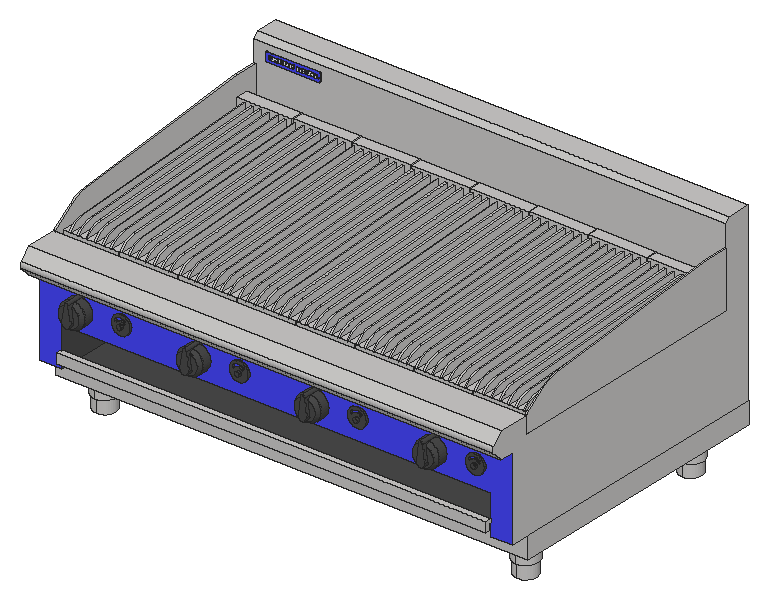
Revit family "QF_MOFFAT_BLUESEAL_CE_G598-B", category Specialty Equipment, Revit 2012 (continued)
Automatic sketch dimensions
  plane 9 to Extrusion 31 sketch curve = 32 mm
  Extrusion 31 sketch curve to plane 11 = 220.155 mm
  Extrusion 31 sketch curve to plane 11 = 174.636 mm
  Extrusion 31 sketch curve to Extrusion 31 sketch curve = 52.486 mm
  plane 10 to Extrusion 32 sketch curve = 59 mm
  plane 10 to Extrusion 32 sketch curve = 12.852 mm
  plane 10 to Extrusion 32 sketch curve = 8.738 mm
  plane 9 to Extrusion 32 sketch curve = 32 mm
  Extrusion 32 sketch curve to plane 11 = 220.155 mm
  Extrusion 32 sketch curve to plane 11 = 174.636 mm
  Extrusion 32 sketch curve to Extrusion 32 sketch curve = 52.486 mm
  plane 1 "BACK" to Extrusion 33 sketch curve = 34 mm
  plane 10 to Extrusion 34 sketch curve = 59 mm
  plane 9 to Extrusion 34 sketch curve = 32 mm
  plane 9 to Extrusion 34 sketch curve = 2 mm
  Extrusion 34 sketch curve to plane 11 = 210 mm
  Extrusion 34 sketch curve to Extrusion 34 sketch curve = 35.364 mm
  Extrusion 34 sketch curve to Extrusion 34 sketch curve = 59.636 mm
  plane 10 to Extrusion 35 sketch curve = 59 mm
  plane 9 to Extrusion 35 sketch curve = 32 mm
  plane 9 to Extrusion 35 sketch curve = 2 mm
  Extrusion 35 sketch curve to plane 11 = 210 mm
  Extrusion 35 sketch curve to Extrusion 35 sketch curve = 35.364 mm
  Extrusion 35 sketch curve to Extrusion 35 sketch curve = 59.636 mm
  plane 10 to Extrusion 36 sketch curve = 59 mm
  plane 9 to Extrusion 36 sketch curve = 32 mm
  plane 9 to Extrusion 36 sketch curve = 2 mm
  Extrusion 36 sketch curve to plane 11 = 210 mm
  Extrusion 36 sketch curve to Extrusion 36 sketch curve = 35.364 mm
  Extrusion 36 sketch curve to Extrusion 36 sketch curve = 59.636 mm
  plane 10 to Extrusion 37 sketch curve = 59 mm
  plane 9 to Extrusion 37 sketch curve = 32 mm
  plane 9 to Extrusion 37 sketch curve = 2 mm
  Extrusion 37 sketch curve to plane 11 = 210 mm
  Extrusion 37 sketch curve to Extrusion 37 sketch curve = 35.364 mm
  Extrusion 37 sketch curve to Extrusion 37 sketch curve = 59.636 mm
  Extrusion 1 to Extrusion 38 sketch curve = 44.5 mm  (x4)
  Extrusion 38 sketch curve to Extrusion 38 sketch curve = 1.218 mm  (x4)
  Extrusion 38 sketch curve to Extrusion 38 sketch curve = 1.97 mm  (x8)
  Extrusion 38 sketch curve to Extrusion 38 sketch curve = 1.724 mm  (x4)
  Extrusion 38 sketch curve to Extrusion 38 sketch curve = 1.683 mm  (x4)
  Extrusion 38 sketch curve to Extrusion 38 sketch curve = 6.674 mm  (x4)
  Extrusion 38 sketch curve to Extrusion 38 sketch curve = 0.195 mm  (x4)
  Extrusion 38 sketch curve to Extrusion 38 sketch curve = 2.662 mm  (x4)
  Extrusion 1 to Extrusion 38 sketch curve = 193.209 mm
  Extrusion 38 sketch curve to Extrusion 38 sketch curve = 2.986 mm  (x4)
  Extrusion 38 sketch curve to Extrusion 38 sketch curve = 8.796 mm  (x4)
  Extrusion 38 sketch curve to Extrusion 38 sketch curve = 0.103 mm  (x4)
  Extrusion 38 sketch curve to Extrusion 38 sketch curve = 0.102 mm  (x4)
  Extrusion 38 sketch curve to Extrusion 38 sketch curve = 271.13 mm  (x2)
  Extrusion 1 to Extrusion 38 sketch curve = 106.791 mm
  Extrusion 39 sketch curve to Extrusion 39 sketch curve = 0 mm  (x3)
  Extrusion 39 sketch curve to Extrusion 39 sketch curve = 300 mm  (x3)
  Revolve 40 sketch curve to plane 5 "FRONT" = 19 mm
  Revolve 40 sketch curve to Revolve 40 sketch curve = 0 mm  (x2)
  Revolve 40 sketch curve to Revolve 40 sketch curve = 11 mm
  Revolve 40 sketch curve to Revolve 40 sketch curve = 12.7 mm
  Revolve 40 sketch curve to Revolve 40 sketch curve = 23 mm
  Revolve 40 sketch curve to Revolve 40 sketch curve = 10 mm
  Revolve 40 sketch curve to plane 11 = 290.2 mm
  Revolve 40 sketch curve to Revolve 40 sketch curve = 5 mm
  Revolve 40 sketch curve to Revolve 40 sketch curve = 26.651 mm
  Revolve 40 sketch curve to Revolve 40 sketch curve = 5.849 mm
  Extrusion 41 sketch curve to plane 7 "Center Y" = 202.487 mm
  Extrusion 41 sketch curve to Extrusion 41 sketch curve = 5.489 mm
  Extrusion 41 sketch curve to Extrusion 41 sketch curve = 4.999 mm  (x2)
  Extrusion 41 sketch curve to Extrusion 41 sketch curve = 10.487 mm
  Extrusion 41 sketch curve to Extrusion 41 sketch curve = 10.419 mm
  level to Extrusion 41 sketch curve = 282.8 mm
  Extrusion 41 sketch curve to Extrusion 41 sketch curve = 0.028 mm
  Extrusion 41 sketch curve to Extrusion 41 sketch curve = 44 mm
  Extrusion 41 sketch curve to Extrusion 41 sketch curve = 0.113 mm
  Extrusion 42 sketch curve to Extrusion 1 = 0 mm
  Extrusion 42 sketch curve to Extrusion 1 = 100 mm
  Extrusion 42 sketch curve to Extrusion 1 = 55 mm  (x2)
  Split face 1 sketch curve to Extrusion 1 = 27.315 mm
  Split face 1 sketch curve to Extrusion 1 = 284.66 mm
  Split face 1 sketch curve to Split face 1 sketch curve = 4.041 mm  (x4)
  Split face 1 sketch curve to Split face 1 sketch curve = 8.66 mm  (x2)
  Split face 1 sketch curve to Extrusion 1 = 12.315 mm
  Split face 1 sketch curve to Extrusion 1 = 48.041 mm
  Split face 1 sketch curve to Split face 1 sketch curve = 7 mm  (x3)
  Split face 1 sketch curve to Split face 1 sketch curve = 17 mm
  Split face 2 sketch curve to Extrusion 1 = 15.34 mm
  Split face 2 sketch curve to Split face 2 sketch curve = 4.041 mm  (x4)
  Split face 2 sketch curve to Split face 2 sketch curve = 8.66 mm  (x2)
  Split face 2 sketch curve to Extrusion 1 = 12.315 mm
  Split face 2 sketch curve to Split face 2 sketch curve = 223.917 mm
  Split face 2 sketch curve to Split face 2 sketch curve = 5 mm
  Split face 2 sketch curve to Split face 2 sketch curve = 10 mm
  Split face 2 sketch curve to Split face 2 sketch curve = 7 mm  (x3)
  Extrusion 42 to Extrusion 43 sketch curve = 0 mm
  Extrusion 43 sketch curve to Extrusion 42 = 5.924 mm
  Extrusion 43 sketch curve to Extrusion 42 = 16.797 mm
  Extrusion 43 sketch curve to Extrusion 43 sketch curve = 15 mm
  Extrusion 43 sketch curve to Extrusion 43 sketch curve = 10 mm  (x2)
  Extrusion 42 to Extrusion 43 sketch curve = 31.346 mm
  Extrusion 43 sketch curve to Extrusion 43 sketch curve = 18.654 mm
  Revolve 44 sketch curve to level = 0 mm
  Revolve 44 sketch curve to plane 10 = 0 mm  (x2)
  plane 10 to Revolve 44 sketch curve = 27.5 mm
  Revolve 44 sketch curve to Revolve 44 sketch curve = 4.25 mm
  level to Revolve 44 sketch curve = 35 mm
  Revolve 44 sketch curve to Revolve 44 sketch curve = 15 mm
  Revolve 44 sketch curve to Revolve 44 sketch curve = 35 mm
  Revolve 44 sketch curve to Revolve 44 sketch curve = 55 mm
  Revolve 45 sketch curve to level = 0 mm
  Revolve 45 sketch curve to plane 9 = 0 mm  (x2)
  Revolve 45 sketch curve to Revolve 45 sketch curve = 27.5 mm
  Revolve 45 sketch curve to Revolve 45 sketch curve = 31.75 mm
  level to Revolve 45 sketch curve = 35 mm
  Revolve 45 sketch curve to Revolve 45 sketch curve = 15 mm
  Revolve 45 sketch curve to Revolve 45 sketch curve = 35 mm
  Revolve 45 sketch curve to Revolve 45 sketch curve = 55 mm
  Revolve 46 sketch curve to level = 0 mm
  Revolve 46 sketch curve to plane 10 = 0 mm  (x2)
  plane 10 to Revolve 46 sketch curve = 27.5 mm
  plane 10 to Revolve 46 sketch curve = 31.75 mm
  Revolve 46 sketch curve to Revolve 46 sketch curve = 55 mm
  level to Revolve 46 sketch curve = 35 mm
  Revolve 46 sketch curve to Revolve 46 sketch curve = 15 mm
  Revolve 46 sketch curve to Revolve 46 sketch curve = 35 mm
  Revolve 47 sketch curve to level = 0 mm
  Revolve 47 sketch curve to plane 9 = 0 mm  (x2)
  Revolve 47 sketch curve to Revolve 47 sketch curve = 27.5 mm
  Revolve 47 sketch curve to Revolve 47 sketch curve = 31.75 mm
  Revolve 47 sketch curve to Revolve 47 sketch curve = 55 mm
  level to Revolve 47 sketch curve = 35 mm
  Revolve 47 sketch curve to Revolve 47 sketch curve = 15 mm
  Revolve 47 sketch curve to Revolve 47 sketch curve = 35 mm
  plane 10 to Extrusion 48 sketch curve = 59 mm
  plane 10 to Extrusion 48 sketch curve = 12.852 mm
  plane 10 to Extrusion 48 sketch curve = 8.738 mm
  plane 9 to Extrusion 48 sketch curve = 32 mm
  Extrusion 48 sketch curve to plane 11 = 220.155 mm
  Extrusion 48 sketch curve to Extrusion 48 sketch curve = 45.518 mm
  Extrusion 48 sketch curve to Extrusion 48 sketch curve = 52.486 mm
  plane 10 to Extrusion 49 sketch curve = 59 mm
  plane 10 to Extrusion 49 sketch curve = 12.852 mm
  plane 10 to Extrusion 49 sketch curve = 8.738 mm
  plane 9 to Extrusion 49 sketch curve = 32 mm
  Extrusion 49 sketch curve to plane 11 = 220.155 mm
  Extrusion 49 sketch curve to plane 11 = 174.636 mm
  Extrusion 49 sketch curve to Extrusion 49 sketch curve = 52.486 mm
  plane 10 to Extrusion 50 sketch curve = 59 mm
  plane 10 to Extrusion 50 sketch curve = 12.852 mm
  plane 10 to Extrusion 50 sketch curve = 8.738 mm
  plane 9 to Extrusion 50 sketch curve = 32 mm
  Extrusion 50 sketch curve to plane 11 = 220.155 mm
  Extrusion 50 sketch curve to plane 11 = 174.636 mm
  Extrusion 50 sketch curve to Extrusion 50 sketch curve = 52.486 mm
  plane 10 to Extrusion 51 sketch curve = 59 mm
  plane 10 to Extrusion 51 sketch curve = 12.852 mm
  plane 10 to Extrusion 51 sketch curve = 8.738 mm
  plane 9 to Extrusion 51 sketch curve = 32 mm
  Extrusion 51 sketch curve to plane 11 = 220.155 mm
  Extrusion 51 sketch curve to plane 11 = 174.636 mm
  Extrusion 51 sketch curve to Extrusion 51 sketch curve = 52.486 mm
  plane 10 to Extrusion 52 sketch curve = 59 mm
  plane 10 to Extrusion 52 sketch curve = 12.852 mm
  plane 10 to Extrusion 52 sketch curve = 8.738 mm
  plane 9 to Extrusion 52 sketch curve = 32 mm
  Extrusion 52 sketch curve to plane 11 = 220.155 mm
  Extrusion 52 sketch curve to plane 11 = 174.636 mm
  Extrusion 52 sketch curve to Extrusion 52 sketch curve = 52.486 mm
  plane 10 to Extrusion 53 sketch curve = 59 mm
  plane 10 to Extrusion 53 sketch curve = 12.852 mm
  plane 10 to Extrusion 53 sketch curve = 8.738 mm
  plane 9 to Extrusion 53 sketch curve = 32 mm
  Extrusion 53 sketch curve to plane 11 = 220.155 mm
  Extrusion 53 sketch curve to plane 11 = 174.636 mm
  Extrusion 53 sketch curve to Extrusion 53 sketch curve = 52.486 mm
  plane 10 to Extrusion 54 sketch curve = 59 mm
  plane 10 to Extrusion 54 sketch curve = 12.852 mm
  plane 10 to Extrusion 54 sketch curve = 8.738 mm
  plane 9 to Extrusion 54 sketch curve = 32 mm
  Extrusion 54 sketch curve to plane 11 = 220.155 mm
  Extrusion 54 sketch curve to plane 11 = 174.636 mm
  Extrusion 54 sketch curve to Extrusion 54 sketch curve = 52.486 mm
  plane 10 to Extrusion 55 sketch curve = 59 mm
  plane 9 to Extrusion 55 sketch curve = 32 mm
  plane 9 to Extrusion 55 sketch curve = 2 mm
  Extrusion 55 sketch curve to plane 11 = 210 mm
  Extrusion 55 sketch curve to Extrusion 55 sketch curve = 35.364 mm
  Extrusion 55 sketch curve to Extrusion 55 sketch curve = 59.636 mm
  plane 10 to Extrusion 56 sketch curve = 59 mm
  plane 10 to Extrusion 56 sketch curve = 12.852 mm
  plane 10 to Extrusion 56 sketch curve = 8.738 mm
  plane 9 to Extrusion 56 sketch curve = 32 mm
  Extrusion 56 sketch curve to plane 11 = 220.155 mm
  Extrusion 56 sketch curve to Extrusion 56 sketch curve = 45.518 mm
  Extrusion 56 sketch curve to Extrusion 56 sketch curve = 52.486 mm
  plane 10 to Extrusion 57 sketch curve = 59 mm
  plane 10 to Extrusion 57 sketch curve = 12.852 mm
  plane 10 to Extrusion 57 sketch curve = 8.738 mm
  plane 9 to Extrusion 57 sketch curve = 32 mm
  Extrusion 57 sketch curve to plane 11 = 220.155 mm
  Extrusion 57 sketch curve to plane 11 = 174.636 mm
  Extrusion 57 sketch curve to Extrusion 57 sketch curve = 52.486 mm
  plane 10 to Extrusion 58 sketch curve = 59 mm
  plane 10 to Extrusion 58 sketch curve = 12.852 mm
  plane 10 to Extrusion 58 sketch curve = 8.738 mm
  plane 9 to Extrusion 58 sketch curve = 32 mm
  Extrusion 58 sketch curve to plane 11 = 220.155 mm
  Extrusion 58 sketch curve to plane 11 = 174.636 mm
  Extrusion 58 sketch curve to Extrusion 58 sketch curve = 52.486 mm
  plane 10 to Extrusion 59 sketch curve = 59 mm
  plane 10 to Extrusion 59 sketch curve = 12.852 mm
  plane 10 to Extrusion 59 sketch curve = 8.738 mm
  plane 9 to Extrusion 59 sketch curve = 32 mm
  Extrusion 59 sketch curve to plane 11 = 220.155 mm
  Extrusion 59 sketch curve to plane 11 = 174.636 mm
  Extrusion 59 sketch curve to Extrusion 59 sketch curve = 52.486 mm
  plane 10 to Extrusion 60 sketch curve = 59 mm
  plane 10 to Extrusion 60 sketch curve = 12.852 mm
  plane 10 to Extrusion 60 sketch curve = 8.738 mm
  plane 9 to Extrusion 60 sketch curve = 32 mm
  Extrusion 60 sketch curve to plane 11 = 220.155 mm
  Extrusion 60 sketch curve to plane 11 = 174.636 mm
  Extrusion 60 sketch curve to Extrusion 60 sketch curve = 52.486 mm
  plane 10 to Extrusion 61 sketch curve = 59 mm
  plane 10 to Extrusion 61 sketch curve = 12.852 mm
  plane 10 to Extrusion 61 sketch curve = 8.738 mm
  plane 9 to Extrusion 61 sketch curve = 32 mm
  Extrusion 61 sketch curve to plane 11 = 220.155 mm
  Extrusion 61 sketch curve to plane 11 = 174.636 mm
  Extrusion 61 sketch curve to Extrusion 61 sketch curve = 52.486 mm
  plane 10 to Extrusion 62 sketch curve = 59 mm
  plane 10 to Extrusion 62 sketch curve = 12.852 mm
  plane 10 to Extrusion 62 sketch curve = 8.738 mm
  plane 9 to Extrusion 62 sketch curve = 32 mm
  Extrusion 62 sketch curve to plane 11 = 220.155 mm
  Extrusion 62 sketch curve to plane 11 = 174.636 mm
  Extrusion 62 sketch curve to Extrusion 62 sketch curve = 52.486 mm
  plane 10 to Extrusion 63 sketch curve = 59 mm
  plane 9 to Extrusion 63 sketch curve = 32 mm
  plane 9 to Extrusion 63 sketch curve = 2 mm
  Extrusion 63 sketch curve to plane 11 = 210 mm
  Extrusion 63 sketch curve to Extrusion 63 sketch curve = 35.364 mm
  Extrusion 63 sketch curve to Extrusion 63 sketch curve = 59.636 mm
  Split face 3 sketch curve to Extrusion 1 = 27.315 mm
  Split face 3 sketch curve to Extrusion 1 = 323.319 mm
  Split face 3 sketch curve to Split face 3 sketch curve = 4.041 mm  (x4)
  Split face 3 sketch curve to Split face 3 sketch curve = 8.66 mm  (x2)
  Split face 3 sketch curve to Extrusion 1 = 12.315 mm
  Split face 3 sketch curve to Split face 3 sketch curve = 223.917 mm
  Split face 3 sketch curve to Split face 3 sketch curve = 7 mm  (x3)
  Split face 3 sketch curve to Split face 3 sketch curve = 17 mm
  Revolve 64 sketch curve to plane 5 "FRONT" = 19 mm
  Revolve 64 sketch curve to Revolve 64 sketch curve = 0 mm  (x2)
  Revolve 64 sketch curve to Revolve 64 sketch curve = 11 mm
  Revolve 64 sketch curve to Revolve 64 sketch curve = 12.7 mm
  Revolve 64 sketch curve to Revolve 64 sketch curve = 23 mm
  Revolve 64 sketch curve to Revolve 64 sketch curve = 10 mm
  Revolve 64 sketch curve to plane 11 = 290.2 mm
  Revolve 64 sketch curve to Revolve 64 sketch curve = 5 mm
  Revolve 64 sketch curve to Revolve 64 sketch curve = 26.651 mm
  Revolve 64 sketch curve to Revolve 64 sketch curve = 5.849 mm
  plane 7 "Center Y" to Extrusion 65 sketch curve = 97.513 mm
  Extrusion 65 sketch curve to Extrusion 65 sketch curve = 5.489 mm
  Extrusion 65 sketch curve to Extrusion 65 sketch curve = 4.999 mm  (x2)
  Extrusion 65 sketch curve to Extrusion 65 sketch curve = 10.487 mm
  Extrusion 65 sketch curve to Extrusion 65 sketch curve = 10.419 mm
  level to Extrusion 65 sketch curve = 282.8 mm
  Extrusion 65 sketch curve to Extrusion 65 sketch curve = 0.028 mm
  Extrusion 65 sketch curve to Extrusion 65 sketch curve = 44 mm
  Extrusion 65 sketch curve to Extrusion 65 sketch curve = 0.113 mm
  plane 10 to Extrusion 66 sketch curve = 59 mm
  plane 10 to Extrusion 66 sketch curve = 12.852 mm
  plane 10 to Extrusion 66 sketch curve = 8.738 mm
  plane 9 to Extrusion 66 sketch curve = 32 mm
  Extrusion 66 sketch curve to plane 11 = 220.155 mm
  Extrusion 66 sketch curve to Extrusion 66 sketch curve = 45.518 mm
  Extrusion 66 sketch curve to Extrusion 66 sketch curve = 52.486 mm
  plane 10 to Extrusion 67 sketch curve = 59 mm
  plane 10 to Extrusion 67 sketch curve = 12.852 mm
  plane 10 to Extrusion 67 sketch curve = 8.738 mm
  plane 9 to Extrusion 67 sketch curve = 32 mm
  Extrusion 67 sketch curve to plane 11 = 220.155 mm
  Extrusion 67 sketch curve to plane 11 = 174.636 mm
  Extrusion 67 sketch curve to Extrusion 67 sketch curve = 52.486 mm
  plane 10 to Extrusion 68 sketch curve = 59 mm
  plane 10 to Extrusion 68 sketch curve = 12.852 mm
  plane 10 to Extrusion 68 sketch curve = 8.738 mm
  plane 9 to Extrusion 68 sketch curve = 32 mm
  Extrusion 68 sketch curve to plane 11 = 220.155 mm
  Extrusion 68 sketch curve to plane 11 = 174.636 mm
  Extrusion 68 sketch curve to Extrusion 68 sketch curve = 52.486 mm
  plane 10 to Extrusion 69 sketch curve = 59 mm
  plane 9 to Extrusion 69 sketch curve = 32 mm
  plane 9 to Extrusion 69 sketch curve = 2 mm
  Extrusion 69 sketch curve to plane 11 = 210 mm
  Extrusion 69 sketch curve to Extrusion 69 sketch curve = 35.364 mm
  Extrusion 69 sketch curve to Extrusion 69 sketch curve = 59.636 mm
  plane 10 to Extrusion 70 sketch curve = 59 mm
  plane 10 to Extrusion 70 sketch curve = 12.852 mm
  plane 10 to Extrusion 70 sketch curve = 8.738 mm
  plane 9 to Extrusion 70 sketch curve = 32 mm
  Extrusion 70 sketch curve to plane 11 = 220.155 mm
  Extrusion 70 sketch curve to Extrusion 70 sketch curve = 45.518 mm
  Extrusion 70 sketch curve to Extrusion 70 sketch curve = 52.486 mm
  plane 10 to Extrusion 71 sketch curve = 59 mm
  plane 10 to Extrusion 71 sketch curve = 12.852 mm
  plane 10 to Extrusion 71 sketch curve = 8.738 mm
  plane 9 to Extrusion 71 sketch curve = 32 mm
  Extrusion 71 sketch curve to plane 11 = 220.155 mm
  Extrusion 71 sketch curve to plane 11 = 174.636 mm
  Extrusion 71 sketch curve to Extrusion 71 sketch curve = 52.486 mm
  plane 10 to Extrusion 72 sketch curve = 59 mm
  plane 10 to Extrusion 72 sketch curve = 12.852 mm
  plane 10 to Extrusion 72 sketch curve = 8.738 mm
  plane 9 to Extrusion 72 sketch curve = 32 mm
  Extrusion 72 sketch curve to plane 11 = 220.155 mm
  Extrusion 72 sketch curve to plane 11 = 174.636 mm
  Extrusion 72 sketch curve to Extrusion 72 sketch curve = 52.486 mm
  plane 10 to Extrusion 73 sketch curve = 59 mm
  plane 10 to Extrusion 73 sketch curve = 12.852 mm
  plane 10 to Extrusion 73 sketch curve = 8.738 mm
  plane 9 to Extrusion 73 sketch curve = 32 mm
  Extrusion 73 sketch curve to plane 11 = 220.155 mm
  Extrusion 73 sketch curve to plane 11 = 174.636 mm
  Extrusion 73 sketch curve to Extrusion 73 sketch curve = 52.486 mm
  plane 10 to Extrusion 74 sketch curve = 59 mm
  plane 10 to Extrusion 74 sketch curve = 12.852 mm
  plane 10 to Extrusion 74 sketch curve = 8.738 mm
  plane 9 to Extrusion 74 sketch curve = 32 mm
  Extrusion 74 sketch curve to plane 11 = 220.155 mm
  Extrusion 74 sketch curve to plane 11 = 174.636 mm
  Extrusion 74 sketch curve to Extrusion 74 sketch curve = 52.486 mm
  plane 10 to Extrusion 75 sketch curve = 59 mm
  plane 10 to Extrusion 75 sketch curve = 12.852 mm
  plane 10 to Extrusion 75 sketch curve = 8.738 mm
  plane 9 to Extrusion 75 sketch curve = 32 mm
  Extrusion 75 sketch curve to plane 11 = 220.155 mm
  Extrusion 75 sketch curve to plane 11 = 174.636 mm
  Extrusion 75 sketch curve to Extrusion 75 sketch curve = 52.486 mm
  plane 10 to Extrusion 76 sketch curve = 59 mm
  plane 10 to Extrusion 76 sketch curve = 12.852 mm
  plane 10 to Extrusion 76 sketch curve = 8.738 mm
  plane 9 to Extrusion 76 sketch curve = 32 mm
  Extrusion 76 sketch curve to plane 11 = 220.155 mm
  Extrusion 76 sketch curve to plane 11 = 174.636 mm
  Extrusion 76 sketch curve to Extrusion 76 sketch curve = 52.486 mm
  plane 10 to Extrusion 77 sketch curve = 59 mm
  plane 9 to Extrusion 77 sketch curve = 32 mm
  plane 9 to Extrusion 77 sketch curve = 2 mm
  Extrusion 77 sketch curve to plane 11 = 210 mm
  Extrusion 77 sketch curve to Extrusion 77 sketch curve = 35.364 mm
  Extrusion 77 sketch curve to Extrusion 77 sketch curve = 59.636 mm
  plane 10 to Extrusion 78 sketch curve = 59 mm
  plane 10 to Extrusion 78 sketch curve = 12.852 mm
  plane 10 to Extrusion 78 sketch curve = 8.738 mm
  plane 9 to Extrusion 78 sketch curve = 32 mm
  Extrusion 78 sketch curve to plane 11 = 220.155 mm
  Extrusion 78 sketch curve to plane 11 = 174.636 mm
  Extrusion 78 sketch curve to Extrusion 78 sketch curve = 52.486 mm
  plane 10 to Extrusion 79 sketch curve = 59 mm
  plane 10 to Extrusion 79 sketch curve = 12.852 mm
  plane 10 to Extrusion 79 sketch curve = 8.738 mm
  plane 9 to Extrusion 79 sketch curve = 32 mm
  Extrusion 79 sketch curve to plane 11 = 220.155 mm
  Extrusion 79 sketch curve to plane 11 = 174.636 mm
  Extrusion 79 sketch curve to Extrusion 79 sketch curve = 52.486 mm
  plane 10 to Extrusion 80 sketch curve = 59 mm
  plane 10 to Extrusion 80 sketch curve = 12.852 mm
  plane 10 to Extrusion 80 sketch curve = 8.738 mm
  plane 9 to Extrusion 80 sketch curve = 32 mm
  Extrusion 80 sketch curve to plane 11 = 220.155 mm
  Extrusion 80 sketch curve to plane 11 = 174.636 mm
  Extrusion 80 sketch curve to Extrusion 80 sketch curve = 52.486 mm
  plane 10 to Extrusion 81 sketch curve = 59 mm
  plane 10 to Extrusion 81 sketch curve = 12.852 mm
  plane 10 to Extrusion 81 sketch curve = 8.738 mm
  plane 9 to Extrusion 81 sketch curve = 32 mm
  Extrusion 81 sketch curve to plane 11 = 220.155 mm
  Extrusion 81 sketch curve to plane 11 = 174.636 mm
  Extrusion 81 sketch curve to Extrusion 81 sketch curve = 52.486 mm
  Revolve 82 sketch curve to plane 5 "FRONT" = 19 mm
  Revolve 82 sketch curve to Revolve 82 sketch curve = 0 mm  (x2)
  Revolve 82 sketch curve to Revolve 82 sketch curve = 11 mm
  Revolve 82 sketch curve to Revolve 82 sketch curve = 12.7 mm
  Revolve 82 sketch curve to Revolve 82 sketch curve = 23 mm
  Revolve 82 sketch curve to Revolve 82 sketch curve = 10 mm
  Revolve 82 sketch curve to plane 11 = 290.2 mm
  Revolve 82 sketch curve to Revolve 82 sketch curve = 5 mm
  Revolve 82 sketch curve to Revolve 82 sketch curve = 26.651 mm
  Revolve 82 sketch curve to Revolve 82 sketch curve = 5.849 mm
  plane 13 to Extrusion 83 sketch curve = 136.987 mm
  Extrusion 83 sketch curve to Extrusion 83 sketch curve = 5.489 mm
  Extrusion 83 sketch curve to Extrusion 83 sketch curve = 4.999 mm  (x2)
  Extrusion 83 sketch curve to Extrusion 83 sketch curve = 10.487 mm
  Extrusion 83 sketch curve to Extrusion 83 sketch curve = 10.419 mm
  level to Extrusion 83 sketch curve = 282.8 mm
  Extrusion 83 sketch curve to Extrusion 83 sketch curve = 0.028 mm
  Extrusion 83 sketch curve to Extrusion 83 sketch curve = 44 mm
  Extrusion 83 sketch curve to Extrusion 83 sketch curve = 0.113 mm
  Split face 4 sketch curve to Extrusion 1 = 27.315 mm
  Split face 4 sketch curve to Extrusion 1 = 568.702 mm
  Split face 4 sketch curve to Split face 4 sketch curve = 4.041 mm  (x4)
  Split face 4 sketch curve to Split face 4 sketch curve = 8.66 mm  (x2)
  Split face 4 sketch curve to Extrusion 1 = 12.315 mm
  Split face 4 sketch curve to Split face 4 sketch curve = 223.917 mm
  Split face 4 sketch curve to Split face 4 sketch curve = 7 mm  (x3)
  Split face 4 sketch curve to Split face 4 sketch curve = 17 mm
  plane 1 "BACK" to curve 33 = 0 mm
  curve 33 to plane 3 "LEFT" = 0 mm
  curve 33 to plane 4 "RIGHT" = 0 mm
  curve 3 to plane 12 = 30.16 mm
  curve 2 to curve 3 = 4.041 mm
  curve 3 to curve 1 = 8.66 mm
  curve 4 to curve 5 = 8.66 mm
  plane 1 "BACK" to curve 1 = 18.185 mm
  plane 12 to curve 1 = 206.459 mm
  curve 8 to curve 6 = 4.041 mm  (x2)
  curve 8 to curve 8 = 8.66 mm
  curve 6 to curve 16 = 34.721 mm
  plane 1 "BACK" to curve 15 = 40.185 mm
  curve 15 to curve 15 = 4.041 mm
  curve 16 to curve 16 = 8.66 mm
  curve 16 to curve 14 = 4.041 mm
  curve 9 to plane 7 "Center Y" = 44 mm
  curve 10 to curve 12 = 4.041 mm
  curve 10 to curve 10 = 8.66 mm
  curve 11 to curve 12 = 4.041 mm
  plane 7 "Center Y" to curve 24 = 27.36 mm
  curve 23 to curve 23 = 4.041 mm
  curve 23 to curve 24 = 8.66 mm
  curve 23 to curve 21 = 8.66 mm
  plane 1 "BACK" to curve 17 = 18.185 mm
  curve 22 to curve 17 = 223.917 mm
  curve 18 to curve 20 = 4.041 mm
  curve 18 to curve 18 = 8.66 mm
  plane 1 "BACK" to curve 19 = 30.185 mm
  curve 19 to curve 19 = 4.041 mm
  plane 1 "BACK" to curve 31 = 33.185 mm
  curve 20 to curve 31 = 58.659 mm
  curve 31 to curve 30 = 4.041 mm
  curve 32 to curve 32 = 8.66 mm
  curve 32 to curve 30 = 4.041 mm
  plane 4 "RIGHT" to curve 26 = 28.041 mm
  curve 26 to curve 28 = 4.041 mm
  curve 26 to curve 26 = 8.66 mm
  curve 27 to curve 27 = 4.041 mm
  curve 31 to curve 31 = 7 mm
  plane 1 "BACK" to curve 12 = 45.185 mm
  curve 30 to curve 31 = 5 mm
  curve 20 to curve 19 = 15 mm
  curve 6 to curve 1 = 27 mm
  curve 35 to plane 5 "FRONT" = 0.001 mm
  curve 5 to curve 4 = 5 mm
  curve 21 to curve 23 = 5 mm
  curve 29 to curve 28 = 10 mm
  curve 12 to curve 12 = 10 mm
  curve 5 to curve 6 = 10 mm
  curve 15 to curve 15 = 7 mm
  curve 3 to curve 3 = 7 mm
  curve 23 to curve 23 = 7 mm
  curve 6 to curve 8 = 7 mm
  curve 28 to curve 26 = 7 mm
  curve 20 to curve 18 = 7 mm
  curve 12 to curve 10 = 7 mm
  curve 30 to curve 32 = 7 mm
  curve 14 to curve 16 = 7 mm
  curve 34 to curve 37 = 28.029 mm
  curve 39 to plane 9 = 42.5 mm
  curve 40 to curve 39 = 12.5 mm
  plane 9 to curve 43 = 32 mm
  curve 20 to curve 43 = 31.979 mm
  plane 9 to curve 42 = 2 mm
  plane 13 to curve 43 = 87.5 mm
  curve 42 to curve 41 = 3 mm
  plane 4 "RIGHT" to curve 44 = 3 mm
  plane 9 to curve 44 = 32 mm
  plane 9 to curve 41 = 2 mm
  curve 47 to curve 48 = 0 mm
  curve 48 to curve 49 = 4.5 mm
  curve 49 to curve 50 = 21 mm
  curve 50 to curve 51 = 21 mm
  plane 13 to curve 52 = 17 mm
  curve 53 to plane 13 = 4 mm
  curve 53 to curve 54 = 21 mm
  curve 55 to curve 44 = 16.5 mm
  curve 43 to curve 56 = 4.5 mm
  curve 56 to curve 57 = 21 mm
  curve 57 to curve 58 = 21 mm
  curve 58 to curve 59 = 21 mm
  curve 59 to curve 60 = 21 mm
  curve 60 to curve 61 = 21 mm
  curve 62 to curve 43 = 16.5 mm
  plane 9 to curve 64 = 32 mm
  curve 21 to curve 64 = 109.938 mm
  curve 63 to curve 46 = 3 mm
  curve 63 to curve 46 = 0 mm
  plane 9 to curve 63 = 2 mm
  curve 66 to curve 63 = 16.5 mm
  curve 67 to curve 66 = 21 mm
  curve 68 to curve 67 = 21 mm
  curve 69 to curve 68 = 21 mm
  curve 70 to curve 69 = 21 mm
  curve 71 to curve 70 = 21 mm
  curve 72 to curve 71 = 21 mm
  curve 75 to plane 7 "Center Y" = 0 mm
  curve 74 to curve 65 = 3 mm
  curve 74 to curve 73 = 0 mm
  curve 75 to curve 64 = 0 mm
  plane 9 to curve 74 = 2 mm
  curve 77 to curve 74 = 16.5 mm
  curve 78 to curve 77 = 21 mm
  curve 79 to curve 78 = 21 mm
  curve 80 to curve 79 = 21 mm
  curve 81 to curve 80 = 21 mm
  curve 82 to curve 81 = 21 mm
  curve 75 to curve 83 = 4.5 mm
  plane 9 to curve 86 = 2 mm
  curve 86 to curve 12 = 110.041 mm
  curve 87 to plane 7 "Center Y" = 3 mm
  curve 85 to curve 84 = 0 mm
  curve 88 to curve 75 = 0 mm
  curve 86 to curve 89 = 4.5 mm
  curve 89 to curve 90 = 21 mm
  curve 90 to curve 91 = 21 mm
  curve 91 to curve 92 = 21 mm
  curve 92 to curve 93 = 21 mm
  curve 93 to curve 94 = 21 mm
  curve 95 to curve 88 = 16.5 mm
  plane 9 to curve 98 = 2 mm
  curve 6 to curve 98 = 24 mm
  curve 96 to curve 86 = 3 mm
  curve 96 to curve 86 = 0 mm
  plane 10 to curve 97 = 59 mm
  plane 9 to curve 107 = 2 mm
  plane 12 to curve 107 = 84.5 mm
  curve 106 to curve 97 = 3 mm
  curve 97 to curve 105 = 4.5 mm
  curve 105 to curve 104 = 21 mm
  curve 104 to curve 103 = 21 mm
  curve 103 to curve 102 = 21 mm
  curve 102 to curve 101 = 21 mm
  curve 101 to curve 100 = 21 mm
  curve 99 to curve 88 = 19.5 mm
  curve 106 to curve 97 = 0 mm
  curve 99 to curve 88 = 0 mm
  curve 108 to curve 107 = 30 mm
  curve 110 to curve 106 = 16.5 mm
  curve 111 to curve 110 = 21 mm
  curve 112 to curve 111 = 21 mm
  curve 113 to curve 112 = 21 mm
  curve 114 to curve 113 = 21 mm
  curve 115 to curve 114 = 21 mm
  curve 116 to curve 115 = 21 mm
  plane 9 to curve 119 = 2 mm
  plane 3 "LEFT" to curve 119 = 4.5 mm
  curve 118 to curve 107 = 3 mm
  curve 118 to curve 117 = 0 mm
  curve 120 to curve 108 = 0 mm
  plane 3 "LEFT" to curve 122 = 25.5 mm
  curve 121 to curve 122 = 21 mm
  curve 123 to plane 12 = 19 mm
  plane 12 to curve 124 = 2 mm
  curve 124 to curve 125 = 21 mm
  curve 125 to curve 126 = 21 mm
  curve 127 to curve 118 = 16.5 mm
  radius of Extrusion 33 sketch curve = 13.5 mm
  radius of Extrusion 38 sketch curve = 23.9 mm  (x4)
  radius of Extrusion 39 sketch curve = 5.75 mm  (x4)
Nested families
  nested 1: "WALDORF LOGO_FACE BASE" at (32.004, -70, 556.885) x (1, 0, 0) z (0, -1, 0), visible <- "Show Logo", type "WALDORF LOGO_FACE BASE", detail levels medium+fine
    with Show Logo yes
Connectors
  piping at (216, -34, 53)
    settings: on Extrusion 33, index 3, connector radius 0.37402", flow factor 0, pipe flow 0 GPM, pressure drop 0.00 psi, fitting loss kfactor 0, connector angle 0.00°, fixture units 0, engagement length 0 mm, flow configuration 1, flow direction 1, fitting loss method 0, system type 7, joint type 0, gender type 0, connector reference index -1, connector utility 0, adjustable connector no, is connector primary yes, fitting loss table "", connector description ""
Definition of nested family "WALDORF LOGO_FACE BASE"
  Parameters (values of type "WALDORF LOGO_FACE BASE")
    Show Logo [instance] = yes
    Default Elevation = 1219.2 mm
  Reference planes
    plane 1 "Center (Front/Back)": y = 0
    plane 2: z = 0
    plane 3 "Center (Left/Right)": x = 0
  Forms (mm)
    Extrusion 1, solid
      sketch origin (0, 0, 0) x (1, 0, 0) y (0, 1, 0)
        loop
          line (-1219.2, 1219.2) -> (-1219.2, -1219.2) -> (1219.2, -1219.2) -> (1219.2, 1219.2) -> (-1219.2, 1219.2)
      from 0 to -304.8
    Extrusion 2, solid, material "QF_Finishes_Blue", visible <- "Show Logo"
      sketch origin (0, -33.217, 0) x (1, 0, 0) y (0, 1, 0)
        loop
          arc (138, 31.942) -> (137.626, 32.844) -> (136.724, 33.217) r 1.276
          line (136.724, 33.217) -> (1.29, 33.217)
          arc (1.29, 33.217) -> (0.378, 32.839) -> (0, 31.927) r 1.29
          line (0, 31.927) -> (0, 11.507)
          arc (0, 11.507) -> (0.378, 10.595) -> (1.29, 10.217) r 1.29
          line (1.29, 10.217) -> (136.71, 10.217)
          arc (136.71, 10.217) -> (137.622, 10.595) -> (138, 11.507) r 1.29
          line (138, 11.507) -> (138, 31.942)
      from 0 to 1.588
    Extrusion 3, solid, material "QF_Finishes_White", visible <- "Show Logo"
      sketch origin (0, -33.217, 1.588) x (1, 0, 0) y (0, 1, 0)
        loop
          arc (108.946, 25.919) -> (107.613, 25.367) -> (107.061, 24.034) r 1.885
          line (107.061, 24.034) -> (107.061, 17.211) -> (112.704, 17.211) -> (112.704, 19.129) -> (115.546, 19.129) -> (115.546, 17.211) -> (121.584, 17.211) -> (121.584, 24.075)
          arc (121.584, 24.075) -> (121.043, 25.379) -> (119.739, 25.919) r 1.845
          line (119.739, 25.919) -> (108.946, 25.919)
        loop
          line (123.478, 25.919) -> (123.478, 17.163) -> (134.904, 17.163) -> (134.904, 19.129) -> (129.246, 19.129) -> (129.246, 25.919) -> (123.478, 25.919)
        loop
          line (112.704, 21.258) -> (115.546, 21.258) -> (115.546, 22.702)
          arc (115.546, 22.702) -> (115.344, 23.188) -> (114.858, 23.389) r 0.687
          line (114.858, 23.389) -> (113.363, 23.389)
          arc (113.363, 23.389) -> (112.897, 23.196) -> (112.704, 22.73) r 0.658
          line (112.704, 22.73) -> (112.704, 21.258)
        loop
          line (105.071, 25.919) -> (93.771, 25.919) -> (93.771, 17.163) -> (105.071, 17.163) -> (105.071, 19.063) -> (99.535, 19.063) -> (99.535, 20.437) -> (105.071, 20.437) -> (105.071, 22.278) -> (99.535, 22.278) -> (99.535, 23.587) -> (105.071, 23.587) -> (105.071, 25.919)
        loop
          line (91.104, 25.919) -> (79.541, 25.919)
          arc (79.541, 25.919) -> (78.558, 25.513) -> (78.152, 24.53) r 1.389
          line (78.152, 24.53) -> (78.152, 22.08)
          arc (78.152, 22.08) -> (78.558, 21.098) -> (79.541, 20.691) r 1.389
          line (79.541, 20.691) -> (86.346, 20.691) -> (86.346, 18.864) -> (83.266, 18.864) -> (83.266, 19.664) -> (78.152, 19.664) -> (78.152, 18.553)
          arc (78.152, 18.553) -> (78.558, 17.57) -> (79.541, 17.163) r 1.389
          line (79.541, 17.163) -> (91.063, 17.163)
          arc (91.063, 17.163) -> (92.045, 17.57) -> (92.452, 18.553) r 1.389
          line (92.452, 18.553) -> (92.452, 20.691)
          arc (92.452, 20.691) -> (92.045, 21.673) -> (91.063, 22.08) r 1.389
          line (91.063, 22.08) -> (83.266, 22.08) -> (83.266, 23.984) -> (86.346, 23.984) -> (86.346, 22.743) -> (92.452, 22.743) -> (92.452, 24.571)
          arc (92.452, 24.571) -> (92.057, 25.524) -> (91.104, 25.919) r 1.348
        loop
          line (70.705, 25.919) -> (59.405, 25.919) -> (59.405, 17.163) -> (70.705, 17.163) -> (70.705, 19.063) -> (65.169, 19.063) -> (65.169, 20.437) -> (70.705, 20.437) -> (70.705, 22.278) -> (65.169, 22.278) -> (65.169, 23.587) -> (70.705, 23.587) -> (70.705, 25.919)
        loop
          line (57.598, 25.919) -> (51.7, 25.919) -> (51.7, 20.18)
          arc (51.7, 20.18) -> (50.63, 19.11) -> (49.56, 20.18) r 1.07
          line (49.56, 20.18) -> (49.56, 25.919) -> (43.663, 25.919) -> (43.663, 19.049)
          arc (43.663, 19.049) -> (44.215, 17.716) -> (45.548, 17.163) r 1.885
          line (45.548, 17.163) -> (55.71, 17.163)
          arc (55.71, 17.163) -> (57.045, 17.716) -> (57.598, 19.051) r 1.887
          line (57.598, 19.051) -> (57.598, 25.919)
        loop
          line (31.62, 25.919) -> (31.62, 17.163) -> (43.046, 17.163) -> (43.046, 19.129) -> (37.388, 19.129) -> (37.388, 25.919) -> (31.62, 25.919)
        loop
          line (15.969, 25.919) -> (15.969, 17.163) -> (28.693, 17.163)
          arc (28.693, 17.163) -> (29.812, 17.627) -> (30.276, 18.746) r 1.582
          line (30.276, 18.746) -> (30.276, 20.447) -> (29.48, 21.243) -> (30.276, 22.039) -> (30.276, 24.332)
          arc (30.276, 24.332) -> (29.811, 25.454) -> (28.688, 25.919) r 1.587
          line (28.688, 25.919) -> (15.969, 25.919)
        loop
          line (21.449, 24.159) -> (21.449, 22.436) -> (23.862, 22.436)
          arc (23.862, 22.436) -> (24.723, 23.298) -> (23.862, 24.159) r 0.861
          line (23.862, 24.159) -> (21.449, 24.159)
        loop
          line (21.449, 20.244) -> (21.449, 18.522) -> (23.862, 18.522)
          arc (23.862, 18.522) -> (24.723, 19.383) -> (23.862, 20.244) r 0.861
          line (23.862, 20.244) -> (21.449, 20.244)
      from 0 to 0.2
    Extrusion 4, solid, material "QF_Finishes_Blue", visible <- "Show Logo"
      sketch origin (-126.498, -31.09, 1.588) x (1, 0, 0) y (0, 1, 0)
        loop
          line (136.738, 23.522) -> (136.738, 15.1)
          arc (136.738, 15.1) -> (140.756, 19.311) -> (136.738, 23.522) r 4.216
      from 0 to 0.2
    Extrusion 5, solid, material "QF_Finishes_Red", visible <- "Show Logo"
      sketch origin (146.849, -31.09, 1.588) x (-1, 0, 0) y (0, -1, 0)
        loop
          arc (136.738, -23.522) -> (140.756, -19.311) -> (136.738, -15.1) r 4.216
          line (136.738, -15.1) -> (136.738, -23.522)
      from 0 to 0.2
  Lines and regions (mm)
    Split face 1
      outline origin (-90.35, -30.793, 1.588) x (1, 0, 0) y (0, 1, 0)
        loop
          circle (100.54, 19.013) r 4.536
  Dimensions and locks
    aligned and locked: plane 2 to Extrusion 1
    aligned and locked: level to Extrusion 1
